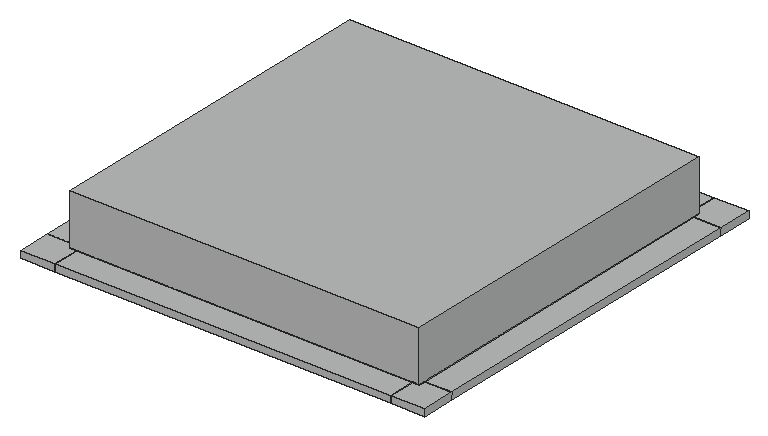
Revit family "ALUMOGIPS", category Осветительные приборы, Revit 2019 (continued)
Types (72, lengths in mm): name | Файл фотометрической сетки | built-in parameter 1150105 | Lumens | built-in parameter 1150106 | built-in parameter 1150142 | Wattage | Emit from Rectangle Width | Emit from Rectangle Length | Длина | Материал светильника | Ширина | ADSK_Ток | ADSK_Полная мощность | ADSK_Обозначение | ADSK_Номинальная мощность | ADSK_Наименование | ADSK_Масса | ADSK_Код изделия
     107.448 74.296 43.216 15.096 0.592 0.592 0.493 0.493 0.493 0.493 0.493 0.493 0.493 0.493 0.395 0.395 0.395 0.395 0.395 0.395 0.395 0.395 0.296 0.296 0.296 0.296 0.296 0.296 0.296 0.296 0.197 \r\n0.197 0.197 0.197 0.197 0.197 0.197 0.197 0.098 0.098 0.098 0.098 0.098 0.098 0.098 0.098 0.000 0.000 0.000 0.000 \r\n1417.637 1417.736 1414.775 1409.743 1402.146 1391.984 1379.355 1363.568 1345.709 1325.482 1303.283 1278.616 1252.272 1224.054 1193.862 1162.091 1128.940 1094.110 \r\n1058.097 1020.801 982.617 943.052 902.994 861.850 820.410 778.082 735.458 692.637 649.027 605.416 561.608 517.504 474.190 430.383 386.772 343.951 301.918 260.775 220.913 181.941 \r\n142.770 107.743 74.592 43.413 15.293 0.592 0.592 0.493 0.493 0.493 0.493 0.493 0.493 0.493 0.493 0.395 0.395 0.395 0.395 0.395 0.395 0.395 0.395 0.296 0.296 0.296 0.296 0.296 0.296 0.296 0.296 0.197 \r\n0.197 0.197 0.197 0.197 0.197 0.197 0.197 0.098 0.098 0.098 0.098 0.098 0.098 0.098 0.098 0.000 0.000 0.000 0.000 \r\n1417.637 1417.736 1414.874 1409.940 1402.344 1392.181 1379.650 1363.962 1346.104 1325.877 1303.776 1279.109 1252.766 1224.547 1194.454 1162.782 1129.531 1094.702 \r\n1058.788 1021.492 983.308 943.742 903.684 862.540 821.100 778.773 736.148 693.327 649.618 606.107 562.298 518.096 474.782 430.974 387.364 344.444 302.412 261.170 221.308 182.335 \r\n143.165 108.040 74.789 43.611 15.490 0.592 0.592 0.493 0.493 0.493 0.493 0.493 0.493 0.493 0.493 0.395 0.395 0.395 0.395 0.395 0.395 0.395 0.395 0.296 0.296 0.296 0.296 0.296 0.296 0.296 0.296 0.197 \r\n0.197 0.197 0.197 0.197 0.197 0.197 0.197 0.098 0.098 0.098 0.098 0.098 0.098 0.098 0.098 0.000 0.000 0.000 0.000 \r\n1417.637 1417.834 1414.973 1410.138 1402.541 1392.477 1379.946 1364.258 1346.499 1326.272 1304.171 1279.603 1253.259 1225.139 1195.045 1163.374 1130.123 1095.393 \r\n1059.478 1022.183 983.999 944.433 904.375 863.231 821.792 779.464 736.840 693.920 650.309 606.699 562.891 518.787 475.374 431.566 387.857 344.937 302.906 261.663 221.703 182.730 \r\n143.461 108.237 75.085 43.906 15.688 0.592 0.592 0.493 0.493 0.493 0.493 0.493 0.493 0.493 0.493 0.395 0.395 0.395 0.395 0.395 0.395 0.395 0.395 0.296 0.296 0.296 0.296 0.296 0.296 0.296 0.296 0.197 \r\n0.197 0.197 0.197 0.197 0.197 0.197 0.197 0.098 0.098 0.098 0.098 0.098 0.098 0.098 0.098 0.000 0.000 0.000 0.000 \r\n1417.637 1417.834 1415.071 1410.237 1402.837 1392.772 1380.243 1364.653 1346.892 1326.765 1304.664 1280.096 1253.752 1225.730 1195.638 1163.965 1130.814 1095.984 \r\n1060.071 1022.873 984.689 945.124 905.066 863.922 822.482 780.154 737.531 694.610 651.000 607.390 563.581 519.379 475.966 432.059 388.350 345.431 303.300 262.058 222.098 183.026 \r\n143.757 108.533 75.282 44.104 15.983 0.592 0.592 0.493 0.493 0.493 0.493 0.493 0.493 0.493 0.493 0.395 0.395 0.395 0.395 0.395 0.395 0.395 0.395 0.296 0.296 0.296 0.296 0.296 0.296 0.296 0.296 0.197 \r\n0.197 0.197 0.197 0.197 0.197 0.197 0.197 0.098 0.098 0.098 0.098 0.098 0.098 0.098 0.098 0.000 0.000 0.000 0.000 \r\n1417.637 1417.932 1415.170 1410.434 1403.034 1393.069 1380.636 1365.048 1347.287 1327.160 1305.157 1280.589 1254.344 1226.225 1196.230 1164.558 1131.406 1096.675 \r\n1060.761 1023.564 985.380 945.815 905.756 864.613 823.173 780.845 738.221 695.301 651.592 608.080 564.174 519.971 476.558 432.652 388.943 345.924 303.794 262.453 222.492 183.420 \r\n144.151 108.829 75.579 44.301 16.181 0.592 0.592 0.493 0.493 0.493 0.493 0.493 0.493 0.493 0.493 0.395 0.395 0.395 0.395 0.395 0.395 0.395 0.395 0.296 0.296 0.296 0.296 0.296 0.296 0.296 0.296 0.197 \r\n0.197 0.197 0.197 0.197 0.197 0.197 0.197 0.098 0.098 0.098 0.098 0.098 0.098 0.098 0.098 0.000 0.000 0.000 0.000 \r\n1417.637 1417.932 1415.268 1410.533 1403.232 1393.365 1380.933 1365.443 1347.682 1327.555 1305.552 1281.082 1254.837 1226.816 1196.821 1165.150 1131.998 1097.267 \r\n1061.452 1024.254 986.070 946.506 906.447 865.401 823.863 781.535 738.912 695.991 652.282 608.672 564.864 520.563 477.150 433.145 389.436 346.417 304.287 262.946 222.887 183.815 \r\n144.448 109.125 75.874 44.597 16.378 0.592 0.592 0.493 0.493 0.493 0.493 0.493 0.493 0.493 0.493 0.395 0.395 0.395 0.395 0.395 0.395 0.395 0.395 0.296 0.296 0.296 0.296 0.296 0.296 0.296 0.296 0.197 \r\n0.197 0.197 0.197 0.197 0.197 0.197 0.197 0.098 0.098 0.098 0.098 0.098 0.098 0.098 0.098 0.000 0.000 0.000 0.000 \r\n1417.637 1418.031 1415.368 1410.730 1403.527 1393.562 1381.229 1365.738 1348.077 1327.949 1306.045 1281.575 1255.331 1227.310 1197.414 1165.841 1132.689 1097.958 \r\n1062.043 1024.846 986.761 947.196 907.137 866.092 824.554 782.226 739.602 696.683 652.973 609.363 565.456 521.155 477.742 433.737 390.028 346.910 304.681 263.341 223.282 184.111 \r\n144.743 109.421 76.072 44.794 16.576 0.592 0.592 0.493 0.493 0.493 0.493 0.493 0.493 0.493 0.493 0.395 0.395 0.395 0.395 0.395 0.395 0.395 0.395 0.296 0.296 0.296 0.296 0.296 0.296 0.296 0.296 0.197 \r\n0.197 0.197 0.197 0.197 0.197 0.197 0.197 0.098 0.098 0.098 0.098 0.098 0.098 0.098 0.098 0.000 0.000 0.000 0.000 \r\n1417.637 1418.031 1415.466 1410.928 1403.725 1393.858 1381.524 1366.133 1348.472 1328.443 1306.440 1282.070 1255.824 1227.901 1198.006 1166.433 1133.280 1098.550 \r\n1062.735 1025.537 987.451 947.887 907.829 866.784 825.244 782.916 740.293 697.373 653.565 610.053 566.147 521.747 478.334 434.328 390.521 347.404 305.175 263.735 223.677 184.506 \r\n145.039 109.717 76.368 44.992 16.871 0.592 0.592 0.493 0.493 0.493 0.493 0.493 0.493 0.493 0.493 0.395 0.395 0.395 0.395 0.395 0.395 0.395 0.395 0.296 0.296 0.296 0.296 0.296 0.296 0.296 0.296 0.197 \r\n0.197 0.197 0.197 0.197 0.197 0.197 0.197 0.098 0.098 0.098 0.098 0.098 0.098 0.098 0.098 0.000 0.000 0.000 0.000 \r\n1417.637 1418.130 1415.565 1411.026 1403.922 1394.154 1381.919 1366.527 1348.866 1328.837 1306.933 1282.563 1256.416 1228.494 1198.597 1167.024 1133.873 1099.241 \r\n1063.425 1026.228 988.143 948.676 908.519 867.474 825.935 783.608 740.983 698.064 654.256 610.646 566.739 522.438 478.926 434.822 391.014 347.897 305.569 264.229 224.072 184.901 \r\n145.434 110.013 76.565 45.288 17.069 0.592 0.592 0.493 0.493 0.493 0.493 0.493 0.493 0.493 0.493 0.395 0.395 0.395 0.395 0.395 0.395 0.395 0.395 0.296 0.296 0.296 0.296 0.296 0.296 0.296 0.296 0.197 \r\n0.197 0.197 0.197 0.197 0.197 0.197 0.197 0.098 0.098 0.098 0.098 0.098 0.098 0.098 0.098 0.000 0.000 0.000 0.000 \r\n1417.637 1418.130 1415.762 1411.223 1404.218 1394.450 1382.216 1366.824 1349.261 1329.231 1307.427 1283.056 1256.910 1228.987 1199.190 1167.616 1134.563 1099.833 \r\n1064.016 1026.918 988.833 949.367 909.308 868.165 826.625 784.298 741.674 698.656 654.946 611.336 567.430 523.030 479.518 435.414 391.606 348.391 306.063 264.623 224.465 185.196 \r\n145.730 110.309 76.861 45.485 17.266 0.592 0.592 0.493 0.493 0.493 0.493 0.493 0.493 0.493 0.493 0.395 0.395 0.395 0.395 0.395 0.395 0.395 0.395 0.296 0.296 0.296 0.296 0.296 0.296 0.296 0.296 0.197 \r\n0.197 0.197 0.197 0.197 0.197 0.197 0.197 0.098 0.098 0.098 0.098 0.098 0.098 0.098 0.098 0.000 0.000 0.000 0.000 \r\n1417.637 1418.229 1415.861 1411.421 1404.415 1394.746 1382.512 1367.219 1349.656 1329.626 1307.821 1283.549 1257.403 1229.579 1199.782 1168.209 1135.155 1100.523 \r\n1064.708 1027.609 989.425 950.057 909.998 868.855 827.317 784.989 742.365 699.347 655.538 611.928 568.021 523.622 480.110 436.006 392.100 348.884 306.556 265.017 224.860 185.591 \r\n146.026 110.605 77.157 45.781 17.464 0.592 0.592 0.493 0.493 0.493 0.493 0.493 0.493 0.493 0.493 0.395 0.395 0.395 0.395 0.395 0.395 0.395 0.395 0.296 0.296 0.296 0.296 0.296 0.296 0.296 0.296 0.197 \r\n0.197 0.197 0.197 0.197 0.197 0.197 0.197 0.098 0.098 0.098 0.098 0.098 0.098 0.098 0.098 0.000 0.000 0.000 0.000 \r\n1417.637 1418.229 1415.960 1411.519 1404.613 1394.943 1382.807 1367.612 1350.051 1330.119 1308.315 1284.043 1257.896 1230.072 1200.275 1168.899 1135.748 1101.116 \r\n1065.398 1028.300 990.115 950.748 910.689 869.644 828.007 785.679 743.056 700.037 656.229 612.619 568.713 524.214 480.702 436.499 392.593 349.377 306.951 265.511 225.255 185.986 \r\n146.421 110.901 77.355 45.978 17.759 0.592 0.592 0.493 0.493 0.493 0.493 0.493 0.493 0.493 0.493 0.395 0.395 0.395 0.395 0.395 0.395 0.395 0.395 0.296 0.296 0.296 0.296 0.296 0.296 0.296 0.296 0.197 \r\n0.197 0.197 0.197 0.197 0.197 0.197 0.197 0.098 0.098 0.098 0.098 0.098 0.098 0.098 0.098 0.000 0.000 0.000 0.000 \r\n1417.637 1418.327 1416.058 1411.716 1404.810 1395.240 1383.202 1367.909 1350.445 1330.514 1308.808 1284.536 1258.488 1230.664 1200.867 1169.491 1136.339 1101.806 \r\n1066.089 1028.991 990.807 951.438 911.381 870.335 828.698 786.370 743.746 700.728 656.920 613.310 569.304 524.806 481.294 437.091 393.185 349.871 307.444 265.905 225.650 186.381 \r\n146.717 111.197 77.650 46.176 17.957 0.592 0.592 0.493 0.493 0.493 0.493 0.493 0.493 0.493 0.493 0.395 0.395 0.395 0.395 0.395 0.395 0.395 0.395 0.296 0.296 0.296 0.296 0.296 0.296 0.296 0.296 0.197 \r\n0.197 0.197 0.197 0.197 0.197 0.197 0.197 0.098 0.098 0.098 0.098 0.098 0.098 0.098 0.098 0.000 0.000 0.000 0.000 \r\n1417.637 1418.327 1416.156 1411.816 1405.106 1395.535 1383.498 1368.304 1350.839 1330.909 1309.203 1285.029 1258.981 1231.256 1201.459 1170.083 1137.030 1102.398 \r\n1066.680 1029.681 991.497 952.129 912.071 871.026 829.388 787.061 744.437 701.418 657.512 613.901 569.995 525.398 481.886 437.585 393.678 350.364 307.938 266.300 226.044 186.676 \r\n147.012 111.493 77.848 46.472 18.154 0.592 0.592 0.493 0.493 0.493 0.493 0.493 0.493 0.493 0.493 0.395 0.395 0.395 0.395 0.395 0.395 0.395 0.395 0.296 0.296 0.296 0.296 0.296 0.296 0.296 0.296 0.197 \r\n0.197 0.197 0.197 0.197 0.197 0.197 0.197 0.098 0.098 0.098 0.098 0.098 0.098 0.098 0.098 0.000 0.000 0.000 0.000 \r\n1417.637 1418.426 1416.255 1412.013 1405.303 1395.831 1383.794 1368.698 1351.234 1331.304 1309.696 1285.522 1259.474 1231.750 1202.051 1170.675 1137.622 1103.089 \r\n1067.372 1030.273 992.188 952.820 912.762 871.716 830.079 787.751 745.127 702.109 658.202 614.593 570.587 526.088 482.478 438.177 394.171 350.857 308.332 266.793 226.439 187.071 \r\n147.309 111.690 78.144 46.670 18.451 0.592 0.592 0.493 0.493 0.493 0.493 0.493 0.493 0.493 0.493 0.395 0.395 0.395 0.395 0.395 0.395 0.395 0.395 0.296 0.296 0.296 0.296 0.296 0.296 0.296 0.296 0.197 \r\n0.197 0.197 0.197 0.197 0.197 0.197 0.197 0.098 0.098 0.098 0.098 0.098 0.098 0.098 0.098 0.000 0.000 0.000 0.000 \r\n1417.637 1418.426 1416.354 1412.211 1405.501 1396.029 1384.090 1369.093 1351.629 1331.797 1310.189 1286.016 1259.968 1232.341 1202.643 1171.366 1138.214 1103.680 \r\n1068.062 1030.964 992.878 953.511 913.452 872.407 830.770 788.442 745.818 702.799 658.893 615.283 571.179 526.680 483.070 438.769 394.763 351.350 308.826 267.188 226.834 187.466 \r\n147.703 111.987 78.440 46.866 18.648 0.592 0.592 0.493 0.493 0.493 0.493 0.493 0.493 0.493 0.493 0.395 0.395 0.395 0.395 0.395 0.395 0.395 0.395 0.296 0.296 0.296 0.296 0.296 0.296 0.296 0.296 0.197 \r\n0.197 0.197 0.197 0.197 0.197 0.197 0.197 0.098 0.098 0.098 0.098 0.098 0.098 0.098 0.098 0.000 0.000 0.000 0.000 \r\n1417.637 1418.525 1416.453 1412.309 1405.796 1396.325 1384.485 1369.388 1352.024 1332.192 1310.584 1286.509 1260.560 1232.835 1203.235 1171.958 1138.905 1104.371 \r\n1068.654 1031.655 993.569 954.202 914.143 873.098 831.460 789.133 746.410 703.392 659.485 615.874 571.870 527.273 483.662 439.262 395.257 351.844 309.319 267.583 227.229 187.762 \r\n148.000 112.282 78.637 47.163 18.845 0.592 0.592 0.493 0.493 0.493 0.493 0.493 0.493 0.493 0.493 0.395 0.395 0.395 0.395 0.395 0.395 0.395 0.395 0.296 0.296 0.296 0.296 0.296 0.296 0.296 0.296 0.197 \r\n0.197 0.197 0.197 0.197 0.197 0.197 0.197 0.098 0.098 0.098 0.098 0.098 0.098 0.098 0.098 0.000 0.000 0.000 0.000 \r\n1417.637 1418.525 1416.551 1412.506 1405.994 1396.621 1384.781 1369.783 1352.419 1332.587 1311.077 1287.003 1261.053 1233.427 1203.827 1172.549 1139.497 1104.963 \r\n1069.345 1032.345 994.260 954.892 914.932 873.887 832.152 789.824 747.101 704.082 660.176 616.565 572.462 527.864 484.254 439.855 395.849 352.337 309.714 268.076 227.722 188.157 \r\n148.295 112.578 78.933 47.360 19.042 0.592 0.592 0.493 0.493 0.493 0.493 0.493 0.493 0.493 0.493 0.395 0.395 0.395 0.395 0.395 0.395 0.395 0.395 0.296 0.296 0.296 0.296 0.296 0.296 0.296 0.296 0.197 \r\n0.197 0.197 0.197 0.197 0.197 0.197 0.197 0.098 0.098 0.098 0.098 0.098 0.098 0.098 0.098 0.000 0.000 0.000 0.000 \r\n1417.637 1418.525 1416.453 1412.309 1405.796 1396.325 1384.485 1369.388 1352.024 1332.192 1310.584 1286.509 1260.560 1232.835 1203.235 1171.958 1138.905 1104.371 \r\n1068.654 1031.655 993.569 954.202 914.143 873.098 831.460 789.133 746.410 703.392 659.485 615.874 571.870 527.273 483.662 439.262 395.257 351.844 309.319 267.583 227.229 187.762 \r\n148.000 112.282 78.637 47.163 18.845 0.592 0.592 0.493 0.493 0.493 0.493 0.493 0.493 0.493 0.493 0.395 0.395 0.395 0.395 0.395 0.395 0.395 0.395 0.296 0.296 0.296 0.296 0.296 0.296 0.296 0.296 0.197 \r\n0.197 0.197 0.197 0.197 0.197 0.197 0.197 0.098 0.098 0.098 0.098 0.098 0.098 0.098 0.098 0.000 0.000 0.000 0.000 \r\n1417.637 1418.426 1416.354 1412.211 1405.501 1396.029 1384.090 1369.093 1351.629 1331.797 1310.189 1286.016 1259.968 1232.341 1202.643 1171.366 1138.214 1103.680 \r\n1068.062 1030.964 992.878 953.511 913.452 872.407 830.770 788.442 745.818 702.799 658.893 615.283 571.179 526.680 483.070 438.769 394.763 351.350 308.826 267.188 226.834 187.466 \r\n147.703 111.987 78.440 46.866 18.648 0.592 0.592 0.493 0.493 0.493 0.493 0.493 0.493 0.493 0.493 0.395 0.395 0.395 0.395 0.395 0.395 0.395 0.395 0.296 0.296 0.296 0.296 0.296 0.296 0.296 0.296 0.197 \r\n0.197 0.197 0.197 0.197 0.197 0.197 0.197 0.098 0.098 0.098 0.098 0.098 0.098 0.098 0.098 0.000 0.000 0.000 0.000 \r\n1417.637 1418.426 1416.255 1412.013 1405.303 1395.831 1383.794 1368.698 1351.234 1331.304 1309.696 1285.522 1259.474 1231.750 1202.051 1170.675 1137.622 1103.089 \r\n1067.372 1030.273 992.188 952.820 912.762 871.716 830.079 787.751 745.127 702.109 658.202 614.593 570.587 526.088 482.478 438.177 394.171 350.857 308.332 266.793 226.439 187.071 \r\n147.309 111.690 78.144 46.670 18.451 0.592 0.592 0.493 0.493 0.493 0.493 0.493 0.493 0.493 0.493 0.395 0.395 0.395 0.395 0.395 0.395 0.395 0.395 0.296 0.296 0.296 0.296 0.296 0.296 0.296 0.296 0.197 \r\n0.197 0.197 0.197 0.197 0.197 0.197 0.197 0.098 0.098 0.098 0.098 0.098 0.098 0.098 0.098 0.000 0.000 0.000 0.000 \r\n1417.637 1418.327 1416.156 1411.816 1405.106 1395.535 1383.498 1368.304 1350.839 1330.909 1309.203 1285.029 1258.981 1231.256 1201.459 1170.083 1137.030 1102.398 \r\n1066.680 1029.681 991.497 952.129 912.071 871.026 829.388 787.061 744.437 701.418 657.512 613.901 569.995 525.398 481.886 437.585 393.678 350.364 307.938 266.300 226.044 186.676 \r\n147.012 111.493 77.848 46.472 18.154 0.592 0.592 0.493 0.493 0.493 0.493 0.493 0.493 0.493 0.493 0.395 0.395 0.395 0.395 0.395 0.395 0.395 0.395 0.296 0.296 0.296 0.296 0.296 0.296 0.296 0.296 0.197 \r\n0.197 0.197 0.197 0.197 0.197 0.197 0.197 0.098 0.098 0.098 0.098 0.098 0.098 0.098 0.098 0.000 0.000 0.000 0.000 \r\n1417.637 1418.327 1416.058 1411.716 1404.810 1395.240 1383.202 1367.909 1350.445 1330.514 1308.808 1284.536 1258.488 1230.664 1200.867 1169.491 1136.339 1101.806 \r\n1066.089 1028.991 990.807 951.438 911.381 870.335 828.698 786.370 743.746 700.728 656.920 613.310 569.304 524.806 481.294 437.091 393.185 349.871 307.444 265.905 225.650 186.381 \r\n146.717 111.197 77.650 46.176 17.957 0.592 0.592 0.493 0.493 0.493 0.493 0.493 0.493 0.493 0.493 0.395 0.395 0.395 0.395 0.395 0.395 0.395 0.395 0.296 0.296 0.296 0.296 0.296 0.296 0.296 0.296 0.197 \r\n0.197 0.197 0.197 0.197 0.197 0.197 0.197 0.098 0.098 0.098 0.098 0.098 0.098 0.098 0.098 0.000 0.000 0.000 0.000 \r\n1417.637 1418.229 1415.960 1411.519 1404.613 1394.943 1382.807 1367.612 1350.051 1330.119 1308.315 1284.043 1257.896 1230.072 1200.275 1168.899 1135.748 1101.116 \r\n1065.398 1028.300 990.115 950.748 910.689 869.644 828.007 785.679 743.056 700.037 656.229 612.619 568.713 524.214 480.702 436.499 392.593 349.377 306.951 265.511 225.255 185.986 \r\n146.421 110.901 77.355 45.978 17.759 0.592 0.592 0.493 0.493 0.493 0.493 0.493 0.493 0.493 0.493 0.395 0.395 0.395 0.395 0.395 0.395 0.395 0.39
